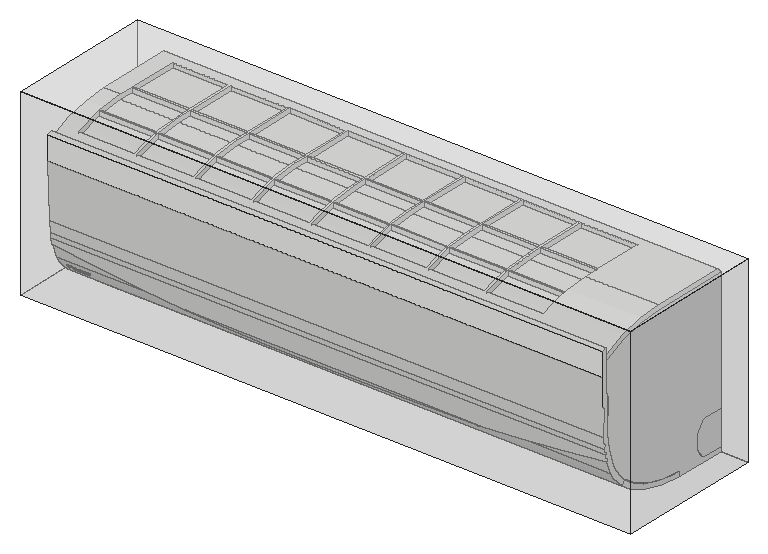
Revit family "outputfile", category 機械設備, Revit 2024 (continued)
Definition of nested family "DAIKIN_indoorunit_FTKM-Q2VMA"
  Automatic sketch dimensions
    Extrusion 20 sketch curve to Extrusion 20 sketch curve = 76.3 mm
    Extrusion 20 sketch curve to Extrusion 20 sketch curve = 7.433 mm
    Extrusion 20 sketch curve to Extrusion 20 sketch curve = 26.684 mm
    Extrusion 20 sketch curve to Extrusion 20 sketch curve = 8.909 mm
    plane 1 "Center (Front/Back)" to Extrusion 21 sketch curve = 218.957 mm
    Extrusion 21 sketch curve to Extrusion 21 sketch curve = 5.601 mm
    Extrusion 21 sketch curve to Extrusion 21 sketch curve = 65.735 mm
    Extrusion 21 sketch curve to Extrusion 21 sketch curve = 1.462 mm
    Extrusion 21 sketch curve to Extrusion 21 sketch curve = 83.356 mm
    plane 1 "Center (Front/Back)" to Extrusion 21 sketch curve = 92.093 mm
    Extrusion 21 sketch curve to Extrusion 21 sketch curve = 1.354 mm
    Extrusion 21 sketch curve to level = 291.755 mm
    Extrusion 21 sketch curve to Extrusion 21 sketch curve = 8.588 mm
    Extrusion 21 sketch curve to Extrusion 21 sketch curve = 29.018 mm
    Extrusion 21 sketch curve to Extrusion 21 sketch curve = 7.433 mm
    Extrusion 21 sketch curve to Extrusion 21 sketch curve = 75.403 mm
    Extrusion 21 sketch curve to Extrusion 21 sketch curve = 0.896 mm
    Extrusion 21 sketch curve to level = 72.504 mm
    Extrusion 21 sketch curve to Extrusion 21 sketch curve = 0.504 mm
    plane 1 "Center (Front/Back)" to Extrusion 22 sketch curve = 164.0 mm
    Extrusion 22 sketch curve to Extrusion 22 sketch curve = 34.0 mm
    plane 1 "Center (Front/Back)" to Extrusion 22 sketch curve = 92.093 mm
    Extrusion 22 sketch curve to Extrusion 22 sketch curve = 1.354 mm
    Extrusion 22 sketch curve to level = 291.755 mm
    Extrusion 22 sketch curve to Extrusion 22 sketch curve = 8.588 mm
    Extrusion 22 sketch curve to Extrusion 22 sketch curve = 0.077 mm
    Extrusion 22 sketch curve to Extrusion 22 sketch curve = 9.207 mm
    plane 1 "Center (Front/Back)" to Extrusion 23 sketch curve = 218.957 mm
    Extrusion 23 sketch curve to Extrusion 23 sketch curve = 5.601 mm
    Extrusion 23 sketch curve to Extrusion 23 sketch curve = 49.356 mm
    Extrusion 23 sketch curve to Extrusion 23 sketch curve = 65.735 mm
    Extrusion 23 sketch curve to Extrusion 23 sketch curve = 1.462 mm
    plane 1 "Center (Front/Back)" to Extrusion 23 sketch curve = 92.093 mm
    Extrusion 23 sketch curve to Extrusion 23 sketch curve = 1.354 mm
    Extrusion 23 sketch curve to level = 283.089 mm
    Extrusion 23 sketch curve to Extrusion 23 sketch curve = 9.207 mm
    Extrusion 23 sketch curve to Extrusion 23 sketch curve = 19.733 mm
    Extrusion 23 sketch curve to Extrusion 23 sketch curve = 7.433 mm
    Extrusion 23 sketch curve to Extrusion 23 sketch curve = 75.403 mm
    Extrusion 23 sketch curve to Extrusion 23 sketch curve = 0.896 mm
    Extrusion 23 sketch curve to level = 72.504 mm
    Extrusion 23 sketch curve to Extrusion 23 sketch curve = 0.504 mm
    Extrusion 24 sketch curve to level = 276.055 mm
    plane 1 "Center (Front/Back)" to Extrusion 24 sketch curve = 639.709 mm
    plane 1 "Center (Front/Back)" to Extrusion 24 sketch curve = 258.299 mm
    Extrusion 24 sketch curve to Extrusion 24 sketch curve = 2.64 mm
    Extrusion 24 sketch curve to Extrusion 24 sketch curve = 35.942 mm
    Extrusion 24 sketch curve to Extrusion 24 sketch curve = 1.937 mm
    Extrusion 24 sketch curve to Extrusion 24 sketch curve = 20.299 mm
    Extrusion 24 sketch curve to Extrusion 24 sketch curve = 45.88 mm
    Extrusion 24 sketch curve to Extrusion 24 sketch curve = 41.737 mm
    Extrusion 24 sketch curve to Extrusion 24 sketch curve = 13.741 mm
    Extrusion 24 sketch curve to Extrusion 24 sketch curve = 3.448 mm
    Extrusion 24 sketch curve to level = 253.495 mm
    Extrusion 24 sketch curve to Extrusion 24 sketch curve = 2.571 mm
    Extrusion 24 sketch curve to Extrusion 24 sketch curve = 37.558 mm
    Extrusion 24 sketch curve to Extrusion 24 sketch curve = 33.63 mm
    Extrusion 24 sketch curve to Extrusion 24 sketch curve = 0.492 mm
    Extrusion 24 sketch curve to Extrusion 24 sketch curve = 40.059 mm
    Extrusion 24 sketch curve to Extrusion 24 sketch curve = 22.435 mm
    Extrusion 24 sketch curve to Extrusion 24 sketch curve = 1.992 mm
    Extrusion 24 sketch curve to Extrusion 24 sketch curve = 37.063 mm
    Extrusion 24 sketch curve to Extrusion 24 sketch curve = 0.0 mm
    Extrusion 24 sketch curve to Extrusion 24 sketch curve = 4.147 mm
    Extrusion 25 sketch curve to Extrusion 25 sketch curve = 0.0 mm  (x4)
    Extrusion 25 sketch curve to plane 1 "Center (Front/Back)" = 0.0 mm
    plane 1 "Center (Front/Back)" to Extrusion 25 sketch curve = 87.233 mm
    Extrusion 25 sketch curve to Extrusion 25 sketch curve = 3.506 mm
    Extrusion 25 sketch curve to Extrusion 25 sketch curve = 92.593 mm
    Extrusion 25 sketch curve to Extrusion 25 sketch curve = 45.42 mm
    Extrusion 25 sketch curve to Extrusion 25 sketch curve = 58.927 mm
    Extrusion 25 sketch curve to Extrusion 25 sketch curve = 74.393 mm
    Extrusion 25 sketch curve to Extrusion 25 sketch curve = 2.031 mm
    Extrusion 25 sketch curve to level = 58.927 mm
    Extrusion 25 sketch curve to plane 1 "Center (Front/Back)" = 1866.935 mm
    Extrusion 25 sketch curve to level = 72.504 mm
    Extrusion 25 sketch curve to Extrusion 25 sketch curve = 74.381 mm
    Extrusion 25 sketch curve to Extrusion 25 sketch curve = 24.427 mm
    Extrusion 25 sketch curve to Extrusion 25 sketch curve = 74.426 mm
    Extrusion 25 sketch curve to Extrusion 25 sketch curve = 0.483 mm
    Extrusion 25 sketch curve to Extrusion 25 sketch curve = 4.137 mm
    Extrusion 25 sketch curve to Extrusion 25 sketch curve = 31.393 mm
    Extrusion 25 sketch curve to Extrusion 25 sketch curve = 9.215 mm
    Extrusion 25 sketch curve to level = 8.0 mm
    Extrusion 26 sketch curve to plane 1 "Center (Front/Back)" = 0.0 mm
    Extrusion 26 sketch curve to Extrusion 26 sketch curve = 20.0 mm  (x2)
    Extrusion 26 sketch curve to level = 287.035 mm
    Extrusion 27 sketch curve to plane 1 "Center (Front/Back)" = 0.0 mm
    Extrusion 27 sketch curve to Extrusion 27 sketch curve = 20.0 mm  (x2)
    Extrusion 27 sketch curve to level = 287.035 mm
    plane 1 "Center (Front/Back)" to Extrusion 28 sketch curve = 0.0 mm  (x2)
    plane 3 "Center (Left/Right)" to Extrusion 28 sketch curve = 469.0 mm
    Extrusion 28 sketch curve to Extrusion 28 sketch curve = 20.0 mm  (x4)
    Extrusion 28 sketch curve to plane 3 "Center (Left/Right)" = 409.0 mm
  Nested families
    nested 1: "daikin_logo_plane_w40" at (-320, -198.871, -233.244) x (1, 0, 0) z (0, -0.7841, -0.6206), visible <- "switch_unit1_20-46", type "daikin_logo_plane_w40"
      with show_logo yes
    nested 2: "daikin_logo_plane_w40" at (-430, -237.74, -233.244) x (1, 0, 0) z (0, -0.7841, -0.6206), visible <- "switch_unit1_50-71", type "daikin_logo_plane_w40"
      with show_logo yes
  Definition of nested family "daikin_logo_plane_w40"
    Parameters (values of type "daikin_logo_plane_w40")
      width = 40.0 mm
      show_logo [instance] = yes
      material = none
      height = 0.0 mm
      depth = 0.0 mm
      Default Elevation = 1219.2 mm
    Reference planes
      plane 1 "Center (Front/Back)": y = 0
      plane 2: z = 0
      plane 3 "Center (Left/Right)": x = 0
      plane 4: z = 2
      plane 5 "left": x = -19
      plane 6: x = 19
    Forms (mm)
      Extrusion 1, solid, visible <- "show_logo"
        sketch origin (-19, 0, 0) x (1, 0, 0) y (0, 1, 0)
          loop
            line (8.902, -1.878) -> (7.789, -6.332) -> (11.13, -6.332)
            arc (11.13, -6.332) -> (12.454, -6.064) -> (13.472, -5.176) r 2.642
            arc (13.472, -5.176) -> (13.92, -4.02) -> (13.767, -2.79) r 2.537
            arc (13.767, -2.79) -> (13.452, -2.342) -> (12.982, -2.06) r 1.321
            arc (12.982, -2.06) -> (12.063, -1.902) -> (11.13, -1.878) r 6.479
            line (11.13, -1.878) -> (8.902, -1.878)
          loop
            line (10.016, -5.441) -> (10.907, -5.441)
            arc (10.907, -5.441) -> (11.591, -4.983) -> (11.988, -4.261) r 1.742
            spline (11.988, -4.261) -> (12.01, -4.155) -> (12.027, -4.03) -> (12.037, -3.893) -> (12.037, -3.747) -> (12.026, -3.598) -> (12.002, -3.451) -> (11.962, -3.31) -> (11.905, -3.181) -> (11.829, -3.069) -> (11.731, -2.978) -> (11.61, -2.913) -> (11.464, -2.88)
            line (11.464, -2.88) -> (10.573, -2.88) -> (10.016, -5.441)
          loop
            line (13.58, -6.332) -> (14.805, -6.332) -> (15.223, -5.553) -> (16.977, -5.553) -> (17.144, -6.332) -> (19.149, -6.332) -> (18.258, -1.878) -> (16.03, -1.878) -> (13.58, -6.332)
          loop
            line (16.476, -3.214) -> (15.76, -4.551) -> (16.762, -4.551) -> (16.476, -3.214)
          loop
            line (19.705, -6.332) -> (21.599, -6.332) -> (22.712, -1.878) -> (20.819, -1.878) -> (19.705, -6.332)
          loop
            line (22.712, -6.332) -> (24.606, -6.332) -> (24.908, -5.122) -> (25.831, -6.332) -> (28.17, -6.332) -> (26.388, -3.994) -> (28.949, -1.878) -> (26.945, -1.878) -> (25.401, -3.153) -> (25.719, -1.878) -> (23.826, -1.878) -> (22.712, -6.332)
          loop
            line (29.84, -1.878) -> (28.615, -6.332) -> (30.62, -6.332) -> (31.734, -1.878) -> (29.84, -1.878)
          loop
            line (31.734, -6.332) -> (33.07, -6.332) -> (33.7, -3.814) -> (34.518, -6.332) -> (36.745, -6.332) -> (37.859, -1.878) -> (36.523, -1.878) -> (35.845, -4.589) -> (34.963, -1.878) -> (32.847, -1.878) -> (31.734, -6.332)
        from 0 to 2
      Extrusion 2, solid, visible <- "show_logo"
        sketch origin (-19, 0, 0) x (1, 0, 0) y (0, 1, 0)
          loop
            line (8.7, 0) -> (4.235, 0) -> (0, -3.879) -> (0, -8) -> (8.7, 0)
        from 0 to 2
      Extrusion 3, solid, visible <- "show_logo"
        sketch origin (-19, 0, 0) x (1, 0, 0) y (0, 1, 0)
          loop
            line (0, 0) -> (0, -3.879) -> (4.235, 0) -> (0, 0)
        from 0 to 2
    Dimensions and locks
      plane 4 to plane 2 = 2.0 mm
      equal spacing: plane 5 "left", plane 3 "Center (Left/Right)", plane 6
      locked: plane 5 "left" to plane 6 at 38
      aligned and locked: level to plane 2
      aligned and locked: Extrusion 3 to plane 1 "Center (Front/Back)"  (x2)
      aligned and locked: Extrusion 2 to plane 1 "Center (Front/Back)"  (x2)
      aligned and locked: plane 4 to Extrusion 1
      aligned and locked: plane 4 to Extrusion 3
      aligned and locked: plane 4 to Extrusion 2
      aligned and locked: Extrusion 3 to plane 5 "left"
      aligned and locked: Extrusion 2 to plane 5 "left"
    Automatic sketch dimensions
      Extrusion 1 sketch curve to Extrusion 1 sketch curve = 0.901 mm
      Extrusion 1 sketch curve to Extrusion 1 sketch curve = 1.559 mm
      Extrusion 1 sketch curve to Extrusion 1 sketch curve = 1.327 mm
      Extrusion 1 sketch curve to Extrusion 1 sketch curve = 2.145 mm
      Extrusion 1 sketch curve to Extrusion 1 sketch curve = 1.448 mm
      Extrusion 1 sketch curve to Extrusion 1 sketch curve = 2.116 mm
      Extrusion 1 sketch curve to Extrusion 1 sketch curve = 1.114 mm  (x4)
      Extrusion 1 sketch curve to Extrusion 1 sketch curve = 1.336 mm  (x2)
      plane 1 "Center (Front/Back)" to Extrusion 1 sketch curve = 1.878 mm  (x5)
      Extrusion 1 sketch curve to Extrusion 1 sketch curve = 1.893 mm  (x5)
      Extrusion 1 sketch curve to Extrusion 1 sketch curve = 0.891 mm  (x4)
      Extrusion 1 sketch curve to Extrusion 1 sketch curve = 2.005 mm  (x3)
      Extrusion 1 sketch curve to Extrusion 1 sketch curve = 0.445 mm  (x2)
      plane 1 "Center (Front/Back)" to Extrusion 1 sketch curve = 3.994 mm
      Extrusion 1 sketch curve to Extrusion 1 sketch curve = 0.557 mm  (x2)
      Extrusion 1 sketch curve to Extrusion 1 sketch curve = 2.339 mm  (x2)
      Extrusion 1 sketch curve to Extrusion 1 sketch curve = 1.225 mm  (x3)
      plane 1 "Center (Front/Back)" to Extrusion 1 sketch curve = 3.153 mm
      Extrusion 1 sketch curve to Extrusion 1 sketch curve = 0.987 mm
      plane 1 "Center (Front/Back)" to Extrusion 1 sketch curve = 5.122 mm
      Extrusion 1 sketch curve to Extrusion 1 sketch curve = 0.922 mm
      plane 1 "Center (Front/Back)" to Extrusion 1 sketch curve = 6.332 mm
      Extrusion 1 sketch curve to Extrusion 1 sketch curve = 2.562 mm
      plane 1 "Center (Front/Back)" to Extrusion 1 sketch curve = 5.553 mm
      Extrusion 1 sketch curve to Extrusion 1 sketch curve = 0.167 mm
      Extrusion 1 sketch curve to Extrusion 1 sketch curve = 0.215 mm
      plane 1 "Center (Front/Back)" to Extrusion 1 sketch curve = 3.214 mm
      Extrusion 1 sketch curve to Extrusion 1 sketch curve = 0.286 mm
      plane 1 "Center (Front/Back)" to Extrusion 1 sketch curve = 4.551 mm
      Extrusion 1 sketch curve to Extrusion 1 sketch curve = 1.002 mm
      Extrusion 1 sketch curve to Extrusion 1 sketch curve = 0.537 mm
      Extrusion 1 sketch curve to Extrusion 1 sketch curve = 0.418 mm
      Extrusion 1 sketch curve to Extrusion 1 sketch curve = 1.028 mm
      plane 1 "Center (Front/Back)" to Extrusion 1 sketch curve = 4.261 mm
      Extrusion 1 sketch curve to Extrusion 1 sketch curve = 0.563 mm
      plane 1 "Center (Front/Back)" to Extrusion 1 sketch curve = 2.88 mm
      Extrusion 1 sketch curve to Extrusion 1 sketch curve = 1.088 mm
      Extrusion 1 sketch curve to Extrusion 1 sketch curve = 2.152 mm
      Extrusion 1 sketch curve to Extrusion 1 sketch curve = 0.586 mm
      Extrusion 1 sketch curve to Extrusion 1 sketch curve = 0.118 mm
      Extrusion 1 sketch curve to Extrusion 1 sketch curve = 0.298 mm
      Extrusion 1 sketch curve to Extrusion 1 sketch curve = 0.334 mm
      Extrusion 1 sketch curve to Extrusion 1 sketch curve = 0.223 mm
      Extrusion 1 sketch curve to Extrusion 1 sketch curve = 0.266 mm
      Extrusion 1 sketch curve to Extrusion 1 sketch curve = 1.671 mm
      Extrusion 1 sketch curve to Extrusion 1 sketch curve = 2.227 mm
      Extrusion 1 sketch curve to Extrusion 1 sketch curve = 0.0 mm  (x7)
      Extrusion 1 sketch curve to Extrusion 1 sketch curve = 3.453 mm
      Extrusion 1 sketch curve to Extrusion 1 sketch curve = 2.017 mm
      Extrusion 1 sketch curve to Extrusion 1 sketch curve = 0.78 mm  (x2)
      Extrusion 1 sketch curve to Extrusion 1 sketch curve = 1.743 mm
      Extrusion 1 sketch curve to Extrusion 1 sketch curve = 0.775 mm
      Extrusion 1 sketch curve to Extrusion 1 sketch curve = 0.552 mm
      Extrusion 1 sketch curve to Extrusion 1 sketch curve = 0.014 mm
      Extrusion 1 sketch curve to Extrusion 1 sketch curve = 0.952 mm
      Extrusion 1 sketch curve to Extrusion 1 sketch curve = 1.215 mm
      Extrusion 1 sketch curve to Extrusion 1 sketch curve = 0.108 mm
      plane 1 "Center (Front/Back)" to Extrusion 2 sketch curve = 0.0 mm
      Extrusion 2 sketch curve to plane 3 "Center (Left/Right)" = 19.0 mm
      Extrusion 2 sketch curve to plane 3 "Center (Left/Right)" = 14.765 mm
      Extrusion 2 sketch curve to Extrusion 2 sketch curve = 4.465 mm
      plane 1 "Center (Front/Back)" to Extrusion 2 sketch curve = 3.879 mm
      Extrusion 2 sketch curve to Extrusion 2 sketch curve = 4.12 mm
      plane 1 "Center (Front/Back)" to Extrusion 3 sketch curve = 0.0 mm
      Extrusion 3 sketch curve to plane 3 "Center (Left/Right)" = 19.0 mm
      Extrusion 3 sketch curve to plane 3 "Center (Left/Right)" = 14.765 mm
      plane 1 "Center (Front/Back)" to Extrusion 3 sketch curve = 3.879 mm
      Extrusion 1 sketch curve to plane 3 "Center (Left/Right)" = 11.211 mm
      Extrusion 1 sketch curve to Extrusion 1 sketch curve = 1.782 mm
Definition of nested family "daikin_connector_rotate3"
  Parameters (values of type "daikin_connector_rotate3")
    show [instance] = yes
    radius [instance] = 10.0 mm
    length [instance] = 600.0 mm
    angle_horizontal [instance] = 60.00°
    angle_vertical [instance] = 90.00°
    Default Elevation = 1219.2 mm
  Reference planes
    plane 1 "Center (Front/Back)": y = 0
    plane 2: z = 0
    plane 3 "Center (Left/Right)": x = 0
  Dimensions and locks
    "angle_horizontal": angle plane 3 "Center (Left/Right)" to nested 1
    aligned and locked: level to plane 2
    aligned and locked: plane 1 "Center (Front/Back)" to nested 1  (x2)
    aligned and locked: plane 3 "Center (Left/Right)" to nested 1
  Nested families
    nested 1: "daikin_connector_rotate2" at (0, 0, 0) x (0.5, 0.866, 0) z (0, 0, 1), angle_vertical <- "angle_vertical", length <- "length", radius <- "radius", type "daikin_connector_rotate2"
      with radius 10.0 mm, length 600.0 mm, angle_vertical 90.00°
  Definition of nested family "daikin_connector_rotate2"
    Parameters (values of type "daikin_connector_rotate2")
      show_face = yes
      radius [instance] = 10.0 mm
      length [instance] = 600.0 mm
      d_surface = 10.0 mm
      angle_vertical [instance] = 90.00°
      Default Elevation = 0.0 mm
    Reference planes
      plane 1 "Center (Front/Back)": y = 0
      plane 2: z = 0
      plane 3 "Center (Left/Right)": x = 0
    Forms (mm)
      Extrusion 1, solid, visible <- "show_face"
        sketch origin (0, -600, 0) x (1, 0, 0) y (0, 0, 1)
          loop
            circle (0, 0) r 10
        from 0 to -10
    Lines and regions (mm)
      reference lines
        curve 1: line (0, 0, 0) -> (0, -600, 0)
      symbolic lines
        curve 2: circle (0, 0, 0) r 5 normal (0, 0, 1)
      model lines, visible <- "show_face"
        curve 3: line (0, 0, 0) -> (0, -600, 0)
    Dimensions and locks
      "length": curve 1 to curve 1
      "length": curve 3 to curve 3
      "d_surface": Extrusion 1 to Extrusion 1
      "radius": radius of Extrusion 1 sketch curve
      "angle_vertical": angle curve 1 to plane 1 "Center (Front/Back)"
      "angle_vertical": angle curve 3 to plane 1 "Center (Front/Back)"
      aligned and locked: level to plane 2
      aligned and locked: plane 1 "Center (Front/Back)" to curve 1
      aligned and locked: plane 2 to curve 1
      aligned and locked: plane 1 "Center (Front/Back)" to curve 2
      aligned and locked: plane 3 "Center (Left/Right)" to curve 2
      aligned and locked: plane 1 "Center (Front/Back)" to curve 3
      aligned and locked: plane 2 to curve 3
      aligned and locked: Extrusion 1 to Extrusion 1
    Automatic sketch dimensions
      Extrusion 1 sketch curve to level = 0.0 mm
      Extrusion 1 sketch curve to plane 3 "Center (Left/Right)" = 0.0 mm
      radius of curve 2 = 5.0 mm
